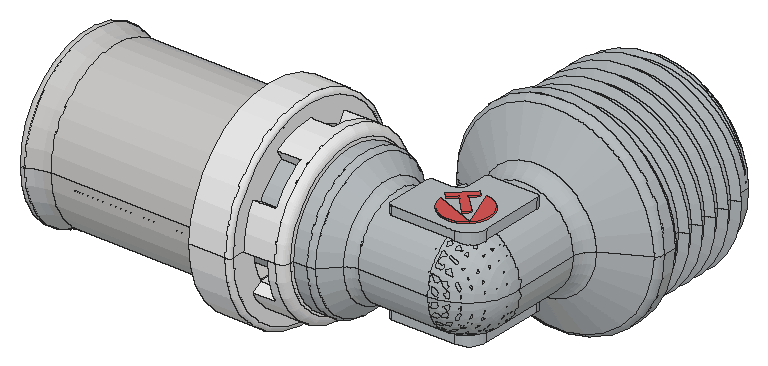
Revit family "VTm_253_УгольникПресс_ПереходНаружРезьба1", category Соединительные детали трубопроводов, Revit 2017
Family settings
  Размер круглого соединителя = Использовать диаметр
  Тип детали = Отвод
  На основе рабочей плоскости = Нет
  Всегда вертикально = Да
  При загрузке вырезать с полостями = Нет
  Общий = Нет
Parameters (values of type "16 х 1/2"")
  Тело = VTm_253_ТелоУголка_16_на_ПрлДюйма : VTm_253_ТелоУголка_16_на_ПрлДюйма
  Стоимость = 0
  Резьба = VTm_253_РезьбаCоCбегами_Наруж : 1/2" х 5
  РадНарПодРезьбу = 9.05 mm
  РадВнПодРезьбу = 7.40 mm
  РадБазы2 = DN2 / 4  # 3.75 mm
  РадБазы1 = DN1 / 4  # 4.00 mm
  ПодРезьбу = 12.995 mm
  Описание = "Служит для соединения резьбовых фитингов с системами металлополимерных, PEX и PE труб на пресс с поворотом на 90°"  # constant formula
  Комментарии к типоразмеру = "Модель разработана по заказу ВЕСТА Регионы, автор Михаил Кузьмин НПО Инкомис, правообладатель ВЕСТА Регионы"  # constant formula
  Изготовитель = "VALTEC"  # constant formula
  Ду2 х 07 = DN2 * 0.7  # 10.50 mm
  ДлинаБазы2 = 14.50 mm
  ДлинаБазы1 = 14.80 mm
  Гильза = VTm_253_Гильза_от_16_до_32 : 16
  Видеть резьбу [instance] = yes
  VT_Цена базовая = 138
  VT_sleeve = Нержавеющая сталь
  VT_ring = Пластмасса, непрозрачная, белая
  VT_logo [instance] = Алюминий, анодированный красный
  VT_body = Цинк
  URL = "http://valtec.ru/catalog/sistemy_metallopolimernyh_i_polimernyh_truboprovodov/press_fitingi/press_fiting_ugolnik_s_perehodom_na_narujnuyu_rezbu_vtm253n.html"
  DN2 = 15.00 mm
  DN1 = 16.00 mm
  ADSK_Примечание = ""
  ADSK_Позиция = "253.1604"
  ADSK_Обозначение = "VTm.253.N.001604"
  ADSK_Наименование = "Угольник пресс с переходом на наружную резьбу 16х1/2\" 90° VTm.253"
  ADSK_Масса_Текст = "0.062"
  ADSK_Масса = 0.062
  ADSK_Завод-изготовитель = "VALTEC"  # constant formula
  ADSK_Единица измерения = "шт"  # constant formula
  ADSK_Версия семейства = "01.01"  # constant formula
  ADSK_Версия Revit = "2017"  # constant formula
Types (8, lengths in mm): name | Тело | Резьба | РадНарПодРезьбу | РадВнПодРезьбу | РадБазы2 | РадБазы1 | ПодРезьбу | Ду2 х 07 | ДлинаБазы2 | ДлинаБазы1 | Гильза | VT_Цена базовая | DN2 | DN1 | ADSK_Позиция | ADSK_Обозначение | ADSK_Наименование | ADSK_Масса_Текст | ADSK_Масса
  (no name) | VTm_253_ТелоУголка_16_на_ПрлДюйма : VTm_253_ТелоУголка_16_на_ПрлДюйма | VTm_253_РезьбаCоCбегами_Наруж : 1/2" х 5 | 9.05 | 7.40 | 3.75 | 4.00 | 12.995 | 10.50 | 14.50 | 14.80 | VTm_253_Гильза_от_16_до_32 : 16 | 138 | 15.00 | 16.00 | "253.1604" | "VTm.253.N.001604" | "Угольник пресс с переходом на наружную резьбу 16х1/2\" 90° VTm.253" | "0.062" | 0.062
  16 х 1/2" | VTm_253_ТелоУголка_16_на_ПрлДюйма : VTm_253_ТелоУголка_16_на_ПрлДюйма | VTm_253_РезьбаCоCбегами_Наруж : 1/2" х 5 | 9.05 | 7.40 | 3.75 | 4.00 | 12.995 | 10.50 | 14.50 | 14.80 | VTm_253_Гильза_от_16_до_32 : 16 | 138 | 15.00 | 16.00 | "253.1604" | "VTm.253.N.001604" | "Угольник пресс с переходом на наружную резьбу 16х1/2\" 90° VTm.253" | "0.062" | 0.062
  16 х 3/4" | VTm_253_ТелоУголка_16_на_ТриЧетверти : VTm_253_ТелоУголка_16_на_ТриЧетверти | VTm_253_РезьбаCоCбегами_Наруж : 3/4" | 11.85 | 9.64 | 5.00 | 4.00 | 14.00 | 14.00 | 16.00 | 16.30 | VTm_253_Гильза_от_16_до_32 : 16 | 194 | 20.00 | 16.00 | "253.1605" | "VTm.253.N.001605" | "Угольник пресс с переходом на наружную резьбу 16х3/4\" 90° VTm.253" | "0.101" | 0.101
  20 х 3/4" | VTm_253_ТелоУголка_20_на_ТриЧетверти : VTm_253_ТелоУголка_20_на_ТриЧетверти | VTm_253_РезьбаCоCбегами_Наруж : 3/4" | 11.85 | 9.64 | 5.00 | 5.00 | 14.00 | 14.00 | 17.56 | 17.30 | VTm_253_Гильза_от_16_до_32 : 20 | 228 | 20.00 | 20.00 | "253.2005" | "VTm.253.N.002005" | "Угольник пресс с переходом на наружную резьбу 20х3/4\" 90° VTm.253" | "0.117" | 0.101
  20 х 1/2" | VTm_253_ТелоУголка_20_на_ПолДюйма : VTm_253_ТелоУголка_20_на_ПолДюйма | VTm_253_РезьбаCоCбегами_Наруж : 1/2" х 5 | 9.05 | 7.40 | 3.75 | 5.00 | 12.995 | 10.50 | 16.00 | 17.30 | VTm_253_Гильза_от_16_до_32 : 20 | 212 | 15.00 | 20.00 | "253.2004" | "VTm.253.N.002004" | "Угольник пресс с переходом на наружную резьбу 20х1/2\" 90° VTm.253" | "0.081" | 0.081
  26 х 3/4" | VTm_253_ТелоУголка_26_на_ТриЧетверти : VTm_253_ТелоУголка_26_на_ТриЧетверти | VTm_253_РезьбаCоCбегами_Наруж : 3/4" | 11.85 | 9.64 | 5.00 | 6.50 | 14.00 | 14.00 | 20.00 | 21.30 | VTm_253_Гильза_от_16_до_32 : 26 | 299 | 20.00 | 26.00 | "253.2605" | "VTm.253.N.002605" | "Угольник пресс с переходом на наружную резьбу 26х3/4\" 90° VTm.253" | "0.142" | 0.142
  26 х 1" | VTm_253_ТелоУголка_26_на_Дюйм : VTm_253_ТелоУголка_26_на_Дюйм | VTm_253_РезьбаCоCбегами_Наруж : 1" | 14.70 | 12.38 | 6.25 | 6.50 | 15.00 | 17.50 | 21.69 | 21.30 | VTm_253_Гильза_от_16_до_32 : 26 | 369 | 25.00 | 26.00 | "253.2606" | "VTm.253.N.002606" | "Угольник пресс с переходом на наружную резьбу 26х1\" 90° VTm.253" | "0.178" | 0.178
  32 х 1" | VTm_253_ТелоУголка_32_на_Дюйм : VTm_253_ТелоУголка_32_на_Дюйм | VTm_253_РезьбаCоCбегами_Наруж : 1" | 14.70 | 12.38 | 6.25 | 8.00 | 15.00 | 17.50 | 23.50 | 24.30 | VTm_253_Гильза_от_16_до_32 : 32 | 639 | 25.00 | 32.00 | "253.3206" | "VTm.253.N.003206" | "Угольник пресс с переходом на наружную резьбу 32х1\" 90° VTm.253" | "0.274" | 0.274
Reference planes
  plane 1 "По центру (Вперед/Назад)": y = 0
  plane 2: z = 0
  plane 3 "По центру (Влево/Вправо)": x = 0
  plane 4: x = -14.8
  plane 5: y = 14.5
  plane 6: x = -30.8
  plane 7: x = -46.8
  plane 8: y = 16
  plane 9: y = -16
  plane 10: y = 27.495
  plane 11: x = 10.5
  plane 12: x = -10.5
Forms (mm)
  Extrusion 1, solid, not visible
    sketch origin (0, 0, 0) x (0, 1, 0) y (0, 0, 1)
      loop
        circle (0, 0) r 4
    from 0 to -14.8
  Extrusion 2, solid, not visible
    sketch origin (0, 0, 0) x (1, 0, 0) y (0, 0, 1)
      loop
        circle (0, 0) r 3.75
    from 0 to -14.5
  Extrusion 3, solid, material "Цинк" <- "VT_body", not visible
    sketch origin (0, 0, 0) x (1, 0, 0) y (0, 0, 1)
      loop
        circle (0, 0) r 7.4
      loop
        circle (0, 0) r 9.05
    from -27.495 to -14.5
Lines and regions (mm)
  model lines, style "VT_symbol", detail levels medium
    curve 1: line (-46.8, 16, 0) -> (-14.8, -16, 0)
    curve 2: line (-46.8, -16, 0) -> (-14.8, 16, 0)
    curve 5: line (-10.5, 14.5, 0) -> (10.5, 14.5, 0)
  model lines, style "VT_symbol", detail levels coarse+medium
    curve 3: line (-14.8, 0, 0) -> (0, 0, 0)
    curve 4: line (0, 0, 0) -> (0, 14.5, 0)
    curve 6: line (0, 14.5, 0) -> (0, 27.495, 0)
Dimensions and locks
  "ДлинаБазы1": plane 4 to plane 3 "По центру (Влево/Вправо)"
  "ДлинаБазы2": plane 5 to plane 1 "По центру (Вперед/Назад)"
  equal spacing: plane 8, plane 1 "По центру (Вперед/Назад)", plane 9
  equal spacing: plane 7, plane 6, plane 4
  "DN1": plane 6 to plane 4
  "DN1": plane 1 "По центру (Вперед/Назад)" to plane 9
  "ПодРезьбу": plane 10 to plane 5
  equal spacing: plane 12, plane 3 "По центру (Влево/Вправо)", plane 11
  "Ду2 х 07": plane 3 "По центру (Влево/Вправо)" to plane 11
  "РадБазы1": radius of Extrusion 1 sketch curve
  "РадБазы2": radius of Extrusion 2 sketch curve
  "РадВнПодРезьбу": radius of Extrusion 3 sketch curve
  "РадНарПодРезьбу": radius of Extrusion 3 sketch curve
  aligned and locked: level to plane 2
  aligned and locked: plane 1 "По центру (Вперед/Назад)" to Extrusion 1 sketch curve
  aligned and locked: plane 2 to Extrusion 1 sketch curve
  aligned and locked: plane 3 "По центру (Влево/Вправо)" to Extrusion 2 sketch curve
  aligned and locked: plane 2 to Extrusion 2 sketch curve
  aligned and locked: Extrusion 1 to plane 3 "По центру (Влево/Вправо)"
  aligned and locked: plane 1 "По центру (Вперед/Назад)" to Extrusion 2
  aligned and locked: plane 5 to Extrusion 2
  aligned and locked: Extrusion 1 to plane 4
  aligned and locked: nested 1 to plane 1 "По центру (Вперед/Назад)"
  aligned and locked: plane 2 to nested 1
  aligned and locked: plane 1 "По центру (Вперед/Назад)" to nested 2
  aligned and locked: plane 3 "По центру (Влево/Вправо)" to nested 2
  aligned and locked: plane 2 to nested 2
  aligned and locked: nested 4 to plane 1 "По центру (Вперед/Назад)"
  aligned and locked: nested 4 to plane 2
  aligned and locked: plane 3 "По центру (Влево/Вправо)" to nested 3
  aligned and locked: nested 3 to plane 2
  aligned and locked: curve 2 to plane 8
  aligned and locked: plane 4 to curve 2
  aligned and locked: plane 8 to curve 1
  aligned and locked: plane 7 to curve 1
  aligned and locked: plane 9 to curve 2
  aligned and locked: plane 7 to curve 2
  aligned and locked: plane 9 to curve 1
  aligned and locked: plane 4 to curve 1
  aligned and locked: plane 1 "По центру (Вперед/Назад)" to curve 3
  aligned and locked: plane 4 to curve 3
  aligned and locked: plane 3 "По центру (Влево/Вправо)" to curve 3
  aligned and locked: plane 1 "По центру (Вперед/Назад)" to curve 4
  aligned and locked: plane 5 to curve 4
  aligned and locked: plane 3 "По центру (Влево/Вправо)" to Extrusion 3 sketch curve  (x2)
  aligned and locked: plane 2 to Extrusion 3 sketch curve  (x2)
  aligned and locked: Extrusion 3 to plane 5
  aligned and locked: plane 10 to Extrusion 3
  aligned and locked: plane 3 "По центру (Влево/Вправо)" to nested 5
  aligned and locked: nested 5 to plane 2
  aligned and locked: plane 3 "По центру (Влево/Вправо)" to curve 6
  aligned and locked: plane 11 to curve 5
  aligned and locked: plane 12 to curve 5
  aligned and locked: curve 5 to plane 5
  aligned and locked: plane 10 to curve 6
Nested families
  nested 1: "VTm_253_Гильза_от_16_до_32" at (-14.8, 0, 0) x (0, 1, 0) z (-1, 0, 0), type <- "Гильза", type "16", detail levels fine
  nested 2: "VTm_253_ТелоУголка_16_на_ПрлДюйма" at (0, 0, 0), type <- "Тело", type "VTm_253_ТелоУголка_16_на_ПрлДюйма", detail levels fine
  nested 3: "MarkR" at (0, 14.5, 0) x (1, 0, 0) z (0, -1, 0), type "MarkR", not visible
  nested 4: "MarkR" at (-14.8, 0, 0) x (0, 1, 0) z (1, 0, 0), type "MarkR", not visible
  nested 5: "VTm_253_РезьбаCоCбегами_Наруж" at (0, 27.495, 0) x (1, 0, 0) z (0, 1, 0), type <- "Резьба", visible <- "Видеть резьбу", type "1/2" х 5", detail levels fine
Connectors
  piping at (-14.8, 0, 0), diameter 16, driven by "DN1"
    settings: on Extrusion 1, index 1, connector inside diameter 609.6 mm, connector length 0.00 mm, flow factor 0, pipe flow 0.0 L/s, pressure drop 0.0 Pa, fitting loss kfactor 0, connector angle 90.00°, fixture units 0, engagement length 0.00 mm, angle of deflection 0.00°, flow configuration 0, flow direction 0, fitting loss method 0, system type 28, joint type 0, gender type 0, connector reference index 2, connector utility 0, adjustable connector no, is connector primary yes, connector description ""
  piping at (0, 27.495, 0), diameter 15, driven by "DN2"
    settings: on Extrusion 3, index 2, connector inside diameter 609.6 mm, connector length 0.00 mm, flow factor 0, pipe flow 0.0 L/s, pressure drop 0.0 Pa, fitting loss kfactor 0, connector angle 90.00°, fixture units 0, engagement length 0.00 mm, angle of deflection 0.00°, flow configuration 0, flow direction 0, fitting loss method 0, system type 28, joint type 0, gender type 0, connector reference index 1, connector utility 0, adjustable connector no, is connector primary no, connector description ""
Definition of nested family "VTm_253_Гильза_от_16_до_32"
  Parameters (values of type "16")
    ТолщСтенкТруб = 2.10 mm
    РегулировкаВысотГильз = 17.30 mm
    РадПерфНаруж = 9.30 mm
    РадПерфВнутр = РадПерфНаруж - 1.30 mm  # 8.00 mm
    РадГабаритКольца = 11.20 mm
    Default Elevation = 0.00 mm
    НарРадТруб = НарДиамТруб / 2  # 8.00 mm
    НарДиамТруб = 16.00 mm
    ВысотаОкон = 2.697 mm
    VT_body = none
    VT_ring = none
    VT_sleeve = none
  Types (4, lengths in mm): name | ТолщСтенкТруб | РегулировкаВысотГильз | РадПерфНаруж | РадПерфВнутр | РадГабаритКольца | НарРадТруб | НарДиамТруб
    16 | 2.10 | 17.30 | 9.30 | 8.00 | 11.20 | 8.00 | 16.00
    20 | 2.10 | 17.35 | 11.45 | 10.15 | 13.20 | 10.05 | 20.10
    26 | 3.05 | 17.20 | 14.35 | 13.05 | 16.25 | 13.075 | 26.15
    32 | 3.10 | 16.80 | 17.30 | 16.00 | 19.40 | 16.175 | 32.35
  Reference planes
    plane 1 "По центру (Вперед/Назад)": y = 0
    plane 2: z = 0
    plane 3 "По центру (Влево/Вправо)": x = 0
    plane 4: z = -1.8
    plane 5: z = 2.697
    plane 6: z = 7.197
    plane 7: x = -11.2
    plane 8: x = -9.3
    plane 9 "РадПерфВнутр": x = -8
    plane 10: through (0, 0, 1219.2) normal (-0.5, -0.866, 0)
    plane 11: through (0, 0, 1219.2) normal (-0.866, -0.5, 0)
    plane 12: through (0, 0, 1219.2) normal (-0.866, 0.5, 0)
    plane 13: through (0, 0, 1219.2) normal (-0.5, 0.866, 0)
    plane 14: x = -8.9
    plane 15: z = 24.497
    plane 16: z = 27.313
    plane 17: x = -5.9
    plane 18: x = -3.5
    plane 19 "РадНарТруб": x = -8
    plane 20: x = -13.75
  Forms (mm)
    Extrusion 1, solid, not visible
      sketch origin (0, 0, 0) x (1, 0, 0) y (0, 1, 0)
        loop
          line (-1219.2, 1219.2) -> (-1219.2, -1219.2) -> (1219.2, -1219.2) -> (1219.2, 1219.2) -> (-1219.2, 1219.2)
      from 0 to -304.8
    Revolve 2, solid, material <- "VT_ring"
      sketch origin (0, 0, 0) x (1, 0, 0) y (0, 0, 1)
        loop
          line (-8, 0) -> (-8, 2.697) -> (-9.3, 2.697) -> (-9.3, -0.817)
          arc (-9.3, -0.817) -> (-9.012, -1.512) -> (-8.317, -1.8) r 0.983
          line (-8.317, -1.8) -> (0, -1.8) -> (0, 0) -> (-8, 0)
        axis (0, 2.697) -> (0, -1.8)
      angle from 0 to 360
    Extrusion 3, void
      sketch origin (0, 0, 0) x (1, 0, 0) y (0, 1, 0)
        loop
          line (-9.3, 0) -> (-8, 0)
          arc (-8, 0) -> (-7.727, 2.071) -> (-6.928, 4) r 8
          line (-6.928, 4) -> (-8.054, 4.65)
          arc (-8.054, 4.65) -> (-8.983, 2.407) -> (-9.3, 0) r 9.3
        loop
          arc (-4, 6.928) -> (-2.071, 7.727) -> (0, 8) r 8
          line (0, 8) -> (0, 9.3)
          arc (0, 9.3) -> (-2.407, 8.983) -> (-4.65, 8.054) r 9.3
          line (-4.65, 8.054) -> (-4, 6.928)
        loop
          arc (4, 6.928) -> (5.657, 5.657) -> (6.928, 4) r 8
          line (6.928, 4) -> (8.054, 4.65)
          arc (8.054, 4.65) -> (6.576, 6.576) -> (4.65, 8.054) r 9.3
          line (4.65, 8.054) -> (4, 6.928)
        loop
          arc (8, 0) -> (7.727, -2.071) -> (6.928, -4) r 8
          line (6.928, -4) -> (8.054, -4.65)
          arc (8.054, -4.65) -> (8.983, -2.407) -> (9.3, 0) r 9.3
          line (9.3, 0) -> (8, 0)
        loop
          arc (4, -6.928) -> (2.071, -7.727) -> (0, -8) r 8
          line (0, -8) -> (0, -9.3)
          arc (0, -9.3) -> (2.407, -8.983) -> (4.65, -8.054) r 9.3
          line (4.65, -8.054) -> (4, -6.928)
        loop
          arc (-8.054, -4.65) -> (-6.576, -6.576) -> (-4.65, -8.054) r 9.3
          line (-4.65, -8.054) -> (-4, -6.928)
          arc (-4, -6.928) -> (-5.657, -5.657) -> (-6.928, -4) r 8
          line (-6.928, -4) -> (-8.054, -4.65)
      from 0 to 2.697
    Revolve 4, solid, material <- "VT_ring"
      sketch origin (0, 0, 0) x (1, 0, 0) y (0, 0, 1)
        loop
          line (-11.2, 7.197) -> (-11.2, 3.224)
          arc (-11.2, 3.224) -> (-11.046, 2.851) -> (-10.674, 2.697) r 0.526
          line (-10.674, 2.697) -> (-8, 2.697) -> (-8, 7.197) -> (-11.2, 7.197)
        axis (0, 2.697) -> (0, 7.197)
      angle from 0 to 360
    Revolve 5, solid, material <- "VT_sleeve"
      sketch origin (0, 0, 0) x (1, 0, 0) y (0, 0, 1)
        loop
          line (-8.9, 7.197) -> (-8, 7.197) -> (-8, 24.497)
          arc (-8, 24.497) -> (-8.187, 25.953) -> (-8.737, 27.313) r 5.75
          arc (-8.737, 27.313) -> (-9.35, 27.485) -> (-9.522, 26.873) r 0.45
          arc (-9.522, 26.873) -> (-9.058, 25.725) -> (-8.9, 24.497) r 4.85
          line (-8.9, 24.497) -> (-8.9, 7.197)
        axis (0, 27.313) -> (0, 7.197)
      angle from 0 to 360
    Revolve 6, solid, material <- "VT_body"
      sketch origin (0, 0, 0) x (1, 0, 0) y (0, 0, 1)
        loop
          line (-3.764, 24.955) -> (-4.576, 26.366)
          arc (-4.576, 26.366) -> (-4.898, 26.631) -> (-5.315, 26.617) r 0.591
          arc (-5.315, 26.617) -> (-5.74, 26.267) -> (-5.9, 25.739) r 0.951
          line (-5.9, 25.739) -> (-5.9, 0) -> (-3.5, 0) -> (-3.5, 23.969)
          arc (-3.5, 23.969) -> (-3.567, 24.479) -> (-3.764, 24.955) r 1.977
        axis (0, 26.617) -> (0, 0)
      angle from 0 to 360
  Cuts and joins
    Extrusion 3 cuts Revolve 2
  Dimensions and locks
    "РадГабаритКольца": plane 7 to plane 3 "По центру (Влево/Вправо)"
    "РадПерфНаруж": plane 8 to plane 3 "По центру (Влево/Вправо)"
    "РадПерфВнутр": plane 9 "РадПерфВнутр" to plane 3 "По центру (Влево/Вправо)"
    locked: plane 17 to plane 18 at 2.4
    "ТолщСтенкТруб": plane 19 "РадНарТруб" to plane 17
    "НарРадТруб": plane 19 "РадНарТруб" to plane 3 "По центру (Влево/Вправо)"
    locked: plane 14 to plane 19 "РадНарТруб" at 0.9
    "РегулировкаВысотГильз": plane 15 to plane 6
    locked: plane 16 to plane 15 at 2.816
    plane 16 to plane 4 = 29.113 mm
    locked: plane 19 "РадНарТруб" to plane 20 at 5.75
    locked: plane 6 to plane 5 at 4.5
    locked: plane 2 to plane 4 at 1.8
    "ВысотаОкон": plane 5 to plane 2
    "РадПерфВнутр": radius of Extrusion 3 sketch curve  (x6)
    "РадПерфНаруж": radius of Extrusion 3 sketch curve  (x6)
    aligned and locked: plane 2 to Extrusion 1
    aligned and locked: level to Extrusion 1
    aligned and locked: Revolve 2 sketch curve to plane 8
    aligned and locked: Revolve 2 sketch curve to plane 3 "По центру (Влево/Вправо)"
    aligned and locked: plane 2 to Revolve 2 sketch curve
    aligned and locked: plane 4 to Revolve 2 sketch curve  (x2)
    aligned and locked: Revolve 2 sketch curve to plane 2
    aligned and locked: Extrusion 3 sketch curve to plane 1 "По центру (Вперед/Назад)"
    aligned and locked: plane 10 to Extrusion 3 sketch curve
    aligned and locked: plane 3 "По центру (Влево/Вправо)" to Extrusion 3 sketch curve  (x13)
    aligned and locked: plane 1 "По центру (Вперед/Назад)" to Extrusion 3 sketch curve  (x13)
    aligned and locked: Extrusion 3 to plane 2
    aligned and locked: plane 5 to Extrusion 3
    aligned and locked: Revolve 2 sketch curve to plane 9 "РадПерфВнутр"
    aligned and locked: Revolve 2 sketch curve to plane 5
    aligned and locked: Extrusion 3 sketch curve to plane 11
    aligned and locked: Extrusion 3 sketch curve to plane 3 "По центру (Влево/Вправо)"
    aligned and locked: Extrusion 3 sketch curve to plane 12
    aligned and locked: plane 13 to Extrusion 3 sketch curve
    aligned and locked: Extrusion 3 sketch curve to plane 10
    aligned and locked: plane 11 to Extrusion 3 sketch curve
    aligned and locked: Extrusion 3 sketch curve to plane 13
    aligned and locked: plane 12 to Extrusion 3 sketch curve
    aligned and locked: plane 9 "РадПерфВнутр" to Revolve 4 sketch curve
    aligned and locked: plane 7 to Revolve 4 sketch curve
    aligned and locked: plane 6 to Revolve 4 sketch curve
    aligned and locked: Revolve 4 sketch curve to plane 5
    aligned and locked: plane 3 "По центру (Влево/Вправо)" to Revolve 4 sketch curve
    aligned and locked: plane 4 to Revolve 4 sketch curve
    aligned and locked: plane 2 to Revolve 4 sketch curve
    aligned and locked: Revolve 5 sketch curve to plane 3 "По центру (Влево/Вправо)"
    aligned and locked: plane 4 to Revolve 5 sketch curve
    aligned and locked: plane 2 to Revolve 5 sketch curve
    aligned and locked: Revolve 5 sketch curve to plane 14
    aligned and locked: Revolve 5 sketch curve to plane 6
    aligned and locked: Revolve 6 sketch curve to plane 2
    aligned and locked: plane 17 to Revolve 6 sketch curve
    aligned and locked: Revolve 6 sketch curve to plane 3 "По центру (Влево/Вправо)"
    aligned and locked: plane 4 to Revolve 6 sketch curve
    aligned and locked: plane 2 to Revolve 6 sketch curve
    aligned and locked: Revolve 6 sketch curve to plane 18
    aligned and locked: Revolve 5 sketch curve to plane 19 "РадНарТруб"
    aligned and locked: plane 20 to Revolve 5 sketch curve  (x2)
    aligned and locked: plane 15 to Revolve 5 sketch curve  (x2)
  Automatic sketch dimensions
    Extrusion 1 sketch curve to Extrusion 1 sketch curve = 2438.40 mm  (x2)
    Revolve 2 sketch curve to plane 3 "По центру (Влево/Вправо)" = 0.00 mm
    Revolve 2 sketch curve to plane 9 "РадПерфВнутр" = 0.317 mm
    Revolve 4 sketch curve to Revolve 4 sketch curve = 0.526 mm
    Revolve 5 sketch curve to plane 16 = 0.00 mm
    Revolve 5 sketch curve to Revolve 5 sketch curve = 0.00 mm  (x2)
    Revolve 6 sketch curve to plane 17 = 0.423 mm
    Revolve 6 sketch curve to plane 17 = 0.812 mm
    Revolve 6 sketch curve to Revolve 6 sketch curve = 0.139 mm
    Revolve 6 sketch curve to Revolve 6 sketch curve = 0.512 mm
    plane 18 to Revolve 6 sketch curve = 0.264 mm
    plane 15 to Revolve 6 sketch curve = 0.528 mm
    Revolve 6 sketch curve to Revolve 6 sketch curve = 0.332 mm
Definition of nested family "VTm_253_ТелоУголка_16_на_ПрлДюйма"
  Parameters (values of type "VTm_253_ТелоУголка_16_на_ПрлДюйма")
    Description = ""
    Type Comments = ""
    VT_body = none
    VT_logo = none
  Reference planes
    plane 1 "По центру (Вперед/Назад)": y = 0
    plane 2: z = 0
    plane 3 "По центру (Влево/Вправо)": x = 0
    plane 4: z = -5.658
    plane 5: z = 5.658
    plane 6: z = -0.6
    plane 7: z = 0.6
  Forms (mm)
    Revolve 1, solid, material <- "VT_body"
      sketch origin (0, 0, 0) x (1, 0, 0) y (0, 1, 0)
        loop
          line (-13, 0) -> (-13, -8) -> (-11.424, -8)
          arc (-11.424, -8) -> (-11.032, -7.922) -> (-10.7, -7.7) r 1.025
          line (-10.7, -7.7) -> (-9.03, -6.03)
          arc (-9.03, -6.03) -> (-8.443, -5.638) -> (-7.75, -5.5) r 1.811
          line (-7.75, -5.5) -> (0, -5.5)
          arc (0, -5.5) -> (3.889, -3.889) -> (5.5, 0) r 5.5
          line (5.5, 0) -> (-13, 0)
        axis (-13, 0) -> (5.5, 0)
      angle from 0 to 360
    Revolve 2, solid, material <- "VT_body"
      sketch origin (0, 0.125, 0) x (0, -1, 0) y (-1, 0, 0)
        loop
          line (-14.375, 0) -> (-14.375, -7.4) -> (-27.375, -7.4) -> (-27.375, -9.175) -> (-26.65, -9.9) -> (-14.375, -9.9) -> (-14.375, -11.493) -> (-13.091, -11.493)
          arc (-13.091, -11.493) -> (-12.586, -11.358) -> (-12.217, -10.988) r 1.01
          line (-12.217, -10.988) -> (-9.654, -6.549)
          arc (-9.654, -6.549) -> (-8.866, -5.762) -> (-7.791, -5.474) r 2.15
          line (-7.791, -5.474) -> (0.125, -5.474)
          arc (0.125, -5.474) -> (3.995, -3.87) -> (5.599, 0) r 5.474
          line (5.599, 0) -> (-14.375, 0)
        axis (-27.375, 0) -> (5.599, 0)
      angle from 0 to 360
    Extrusion 3, solid, material <- "VT_body"
      sketch origin (0, 0, 0) x (1, 0, 0) y (0, 1, 0)
        loop
          line (-6.679, 2.717) -> (-6.679, -2.259)
          arc (-6.679, -2.259) -> (-6.533, -2.612) -> (-6.181, -2.758) r 0.499
          line (-6.181, -2.758) -> (0.804, -2.758)
          arc (0.804, -2.758) -> (2.23, -2.167) -> (2.821, -0.741) r 2.017
          line (2.821, -0.741) -> (2.821, 6.24)
          arc (2.821, 6.24) -> (2.674, 6.595) -> (2.318, 6.742) r 0.502
          line (2.318, 6.742) -> (-2.671, 6.742)
          arc (-2.671, 6.742) -> (-3.03, 6.593) -> (-3.179, 6.234) r 0.508
          line (-3.179, 6.234) -> (-3.179, 4.244)
          arc (-3.179, 4.244) -> (-3.473, 3.536) -> (-4.181, 3.242) r 1.002
          line (-4.181, 3.242) -> (-6.154, 3.242)
          arc (-6.154, 3.242) -> (-6.526, 3.089) -> (-6.679, 2.717) r 0.525
      from -5.658 to 5.658
    Extrusion 4, solid, material <- "VT_body"
      sketch origin (0, 0, 0) x (1, 0, 0) y (0, 1, 0)
        loop
          line (-10.707, 7.707) -> (-9, 6)
          arc (-9, 6) -> (-8.446, 5.63) -> (-7.794, 5.5) r 1.705
          line (-7.794, 5.5) -> (-5.5, 5.5) -> (-5.5, 7.993)
          arc (-5.5, 7.993) -> (-5.774, 9.016) -> (-6.524, 9.766) r 2.048
          line (-6.524, 9.766) -> (-9.288, 11.362) -> (-10.707, 7.707)
      from -0.6 to 0.6
  Dimensions and locks
    equal spacing: plane 5, plane 2, plane 4, locked at 5.658 each
    equal spacing: plane 7, plane 2, plane 6, locked at 0.6 each
    Extrusion 3 to nested 1 to Extrusion 3 = 4.465 mm locked, 3.60 mm locked
    equal spacing: Extrusion 3, nested 1, Extrusion 3, locked at 6.51 each
    equal spacing: Extrusion 3, nested 2, Extrusion 3, locked at 6.51 each
    Extrusion 3 to nested 2 to Extrusion 3 = 4.438 mm locked, 3.626 mm locked
    locked: Extrusion 4 to plane 3 "По центру (Влево/Вправо)" at 5.5
    locked: plane 1 "По центру (Вперед/Назад)" to Extrusion 4 at 5.5
    Extrusion 3 to Extrusion 3 to plane 3 "По центру (Влево/Вправо)" to Extrusion 3 = 3.50 mm locked, 3.179 mm locked, 2.821 mm locked
    Extrusion 3 to Extrusion 3 to plane 1 "По центру (Вперед/Назад)" to Extrusion 3 = 3.50 mm locked, 3.242 mm locked, 2.758 mm locked
    locked: Revolve 1 to plane 3 "По центру (Влево/Вправо)" at 13
    locked: Revolve 2 to plane 1 "По центру (Вперед/Назад)" at 14.5
    locked: Revolve 2 to plane 1 "По центру (Вперед/Назад)" at 27.5
    locked: Revolve 2 to plane 1 "По центру (Вперед/Назад)" at 26.775
    plane 3 "По центру (Влево/Вправо)" to Revolve 2 sketch curve = 9.90 mm
    Revolve 2 sketch curve to Revolve 2 sketch curve = 2.50 mm
    radius of Revolve 2 sketch curve = 5.474 mm
    aligned and locked: level to plane 2
    aligned and locked: plane 3 "По центру (Влево/Вправо)" to Revolve 1 sketch curve
    aligned and locked: plane 1 "По центру (Вперед/Назад)" to Revolve 1 sketch curve  (x2)
    aligned and locked: Revolve 1 sketch curve to plane 2
    aligned and locked: Revolve 1 sketch curve to Revolve 1 sketch curve
    aligned and locked: Revolve 2 sketch curve to Revolve 2 sketch curve  (x2)
    aligned and locked: Revolve 2 sketch curve to plane 3 "По центру (Влево/Вправо)"
    aligned and locked: Revolve 2 sketch curve to plane 2
    aligned and locked: plane 1 "По центру (Вперед/Назад)" to Revolve 2 sketch curve
    aligned and locked: plane 3 "По центру (Влево/Вправо)" to Revolve 2 sketch curve
    aligned and locked: Extrusion 3 to plane 4
    aligned and locked: Extrusion 3 to plane 5
    aligned and locked: Extrusion 4 to plane 6
    aligned and locked: plane 7 to Extrusion 4
  Automatic sketch dimensions
    Revolve 1 sketch curve to Revolve 1 sketch curve = 7.75 mm
    Revolve 1 sketch curve to Revolve 1 sketch curve = 1.28 mm
    Revolve 1 sketch curve to Revolve 1 sketch curve = 1.67 mm
    Revolve 1 sketch curve to Revolve 1 sketch curve = 0.725 mm
    Revolve 1 sketch curve to Revolve 1 sketch curve = 1.576 mm
    Revolve 1 sketch curve to Revolve 1 sketch curve = 5.50 mm
    Revolve 1 sketch curve to Revolve 1 sketch curve = 0.53 mm
    Revolve 1 sketch curve to Revolve 1 sketch curve = 18.672 mm
    Revolve 1 sketch curve to Revolve 1 sketch curve = 11.50 mm
    plane 1 "По центру (Вперед/Назад)" to Revolve 2 sketch curve = 0.00 mm
    Revolve 2 sketch curve to Revolve 2 sketch curve = 7.916 mm
    Revolve 2 sketch curve to plane 1 "По центру (Вперед/Назад)" = 5.474 mm
    Revolve 2 sketch curve to Revolve 2 sketch curve = 17.297 mm
    Revolve 2 sketch curve to Revolve 2 sketch curve = 11.401 mm
    Extrusion 3 sketch curve to plane 3 "По центру (Влево/Вправо)" = 6.679 mm
    Extrusion 3 sketch curve to Extrusion 3 sketch curve = 0.499 mm
    Extrusion 3 sketch curve to Extrusion 3 sketch curve = 0.525 mm
    Extrusion 3 sketch curve to Extrusion 3 sketch curve = 1.973 mm
    Extrusion 3 sketch curve to Extrusion 3 sketch curve = 1.002 mm
    Extrusion 3 sketch curve to Extrusion 3 sketch curve = 0.508 mm
    plane 3 "По центру (Влево/Вправо)" to Extrusion 3 sketch curve = 0.804 mm
    plane 3 "По центру (Влево/Вправо)" to Extrusion 3 sketch curve = 2.318 mm
    plane 1 "По центру (Вперед/Назад)" to Extrusion 3 sketch curve = 0.741 mm
    Extrusion 3 sketch curve to Extrusion 3 sketch curve = 2.017 mm
    Extrusion 3 sketch curve to plane 1 "По центру (Вперед/Назад)" = 2.717 mm
    Extrusion 3 sketch curve to Extrusion 3 sketch curve = 1.99 mm
    Extrusion 4 sketch curve to plane 3 "По центру (Влево/Вправо)" = 10.707 mm
    Extrusion 4 sketch curve to Extrusion 4 sketch curve = 1.419 mm
    Extrusion 4 sketch curve to Extrusion 4 sketch curve = 1.708 mm
    Extrusion 4 sketch curve to Extrusion 4 sketch curve = 1.206 mm
    Extrusion 4 sketch curve to Extrusion 4 sketch curve = 0.246 mm
    Extrusion 4 sketch curve to Extrusion 4 sketch curve = 1.024 mm
    Extrusion 4 sketch curve to Extrusion 4 sketch curve = 2.294 mm
    Extrusion 4 sketch curve to plane 1 "По центру (Вперед/Назад)" = 5.50 mm
    Extrusion 4 sketch curve to Extrusion 4 sketch curve = 0.50 mm
    Extrusion 4 sketch curve to Extrusion 4 sketch curve = 0.787 mm
  Nested families
    nested 1: "VTm_253_Logo_5_5mm" at (-0.928, 0.99, 5.658) x (0.7071, 0.7071, 0) z (0, 0, 1), type "VTm_253_Logo_5_5mm"
    nested 2: "VTm_253_Logo_5_5mm" at (-0.909, 0.971, -5.658) x (-0.7071, -0.7071, 0) z (0, 0, -1), type "VTm_253_Logo_5_5mm"
  Definition of nested family "VTm_253_Logo_5_5mm"
    Parameters (values of type "VTm_253_Logo_5_5mm")
      Default Elevation = 0.00 mm
      Description = ""
      Type Comments = ""
      VT_logo = none
    Reference planes
      plane 1 "По центру (Вперед/Назад)": y = 0
      plane 2: z = 0
      plane 3 "По центру (Влево/Вправо)": x = 0
      plane 4: z = -0.8
      plane 5: z = 0.1
    Forms (mm)
      Extrusion 1, solid, not visible
        sketch origin (0, 0, 0) x (1, 0, 0) y (0, 1, 0)
          loop
            line (-1219.2, 1219.2) -> (-1219.2, -1219.2) -> (1219.2, -1219.2) -> (1219.2, 1219.2) -> (-1219.2, 1219.2)
        from 0 to -304.8
      Extrusion 2, solid, material <- "VT_logo"
        sketch origin (0, 0, 0) x (1, 0, 0) y (0, 1, 0)
          loop
            arc (-2.006, 1.803) -> (-2.464, -1.097) -> (-0.002, -2.697) r 2.697
            line (-0.002, -2.697) -> (-2.006, 1.803)
          loop
            line (-0.42, 1.945) -> (-0.42, -0.8) -> (0.42, -0.8) -> (0.42, 1.945) -> (1.5, 1.945) -> (1.5, 2.749) -> (-1.5, 2.749) -> (-1.5, 1.945) -> (-0.42, 1.945)
        from -0.8 to 0.1
      Extrusion 3, solid, material <- "VT_logo"
        sketch origin (0, 0, 0) x (1, 0, 0) y (0, 1, 0)
          loop
            arc (0.002, -2.697) -> (2.464, -1.097) -> (2.006, 1.803) r 2.697
            line (2.006, 1.803) -> (0.002, -2.697)
        from -0.8 to 0.1
    Dimensions and locks
      equal spacing: Extrusion 2 sketch curve, plane 3 "По центру (Влево/Вправо)", Extrusion 2 sketch curve  (x2)
      plane 3 "По центру (Влево/Вправо)" to Extrusion 2 sketch curve = 0.42 mm
      Extrusion 2 sketch curve to plane 3 "По центру (Влево/Вправо)" to Extrusion 2 sketch curve = 1.50 mm, 1.50 mm
      Extrusion 2 sketch curve to Extrusion 2 sketch curve = 0.803 mm  (x2)
      locked: plane 2 to plane 4 at 0.8
      locked: plane 5 to plane 2 at 0.1
      equal spacing: Extrusion 2, plane 3 "По центру (Влево/Вправо)", Extrusion 2, locked at 1.5 each
      equal spacing: Extrusion 2, plane 3 "По центру (Влево/Вправо)", Extrusion 2, locked at 0.42 each
      locked: Extrusion 2 to plane 1 "По центру (Вперед/Назад)" at 2.749
      locked: Extrusion 2 to plane 1 "По центру (Вперед/Назад)" at 0.8
      locked: Extrusion 2 to Extrusion 2 at 0.803
      Extrusion 2 sketch curve to plane 1 "По центру (Вперед/Назад)" = 0.80 mm
      aligned and locked: plane 2 to Extrusion 1
      aligned and locked: level to Extrusion 1
      aligned and locked: plane 5 to Extrusion 2
      aligned and locked: plane 3 "По центру (Влево/Вправо)" to Extrusion 2 sketch curve
      aligned and locked: plane 1 "По центру (Вперед/Назад)" to Extrusion 2 sketch curve
      aligned and locked: plane 3 "По центру (Влево/Вправо)" to Extrusion 3 sketch curve
      aligned and locked: plane 1 "По центру (Вперед/Назад)" to Extrusion 3 sketch curve
      aligned and locked: plane 5 to Extrusion 3
      aligned and locked: Extrusion 2 to plane 4
      aligned and locked: Extrusion 2 to Extrusion 3
    Automatic sketch dimensions
      Extrusion 1 sketch curve to Extrusion 1 sketch curve = 2438.40 mm  (x2)
      Extrusion 2 sketch curve to Extrusion 2 sketch curve = 0.506 mm
      Extrusion 2 sketch curve to plane 3 "По центру (Влево/Вправо)" = 0.002 mm
      Extrusion 2 sketch curve to Extrusion 2 sketch curve = 1.897 mm
      Extrusion 2 sketch curve to Extrusion 2 sketch curve = 0.142 mm
      plane 3 "По центру (Влево/Вправо)" to Extrusion 3 sketch curve = 0.002 mm
      plane 3 "По центру (Влево/Вправо)" to Extrusion 3 sketch curve = 2.006 mm
      plane 1 "По центру (Вперед/Назад)" to Extrusion 3 sketch curve = 2.697 mm
Definition of nested family "VTm_253_РезьбаCоCбегами_Наруж"
  Parameters (values of type "1/2" х 5")
    Погружение = 1.00 mm  # constant formula
    Default Elevation = 0.00 mm
    Z = 5
    VT_body = none
    P = 1.814 mm
    L = Z * P + P * 1.5  # 11.791 mm
    H = P * 0.96049  # 1.742 mm
    D2/2 = D2 / 2  # 9.896 mm
    D2 = 19.793 mm
    1/2P = P / 2  # 0.907 mm
  Types (5, lengths in mm): name | Z | P | L | H | D2/2 | D2 | 1/2P
    1" х 5 | 5 | 2.309 | 15.009 | 2.218 | 15.885 | 31.77 | 1.155
    1_1/4" х 7 | 7 | 2.309 | 19.627 | 2.218 | 20.215 | 40.431 | 1.155
    1" | 4 | 2.309 | 12.70 | 2.218 | 15.885 | 31.77 | 1.155
    3/4" | 5 | 1.814 | 11.791 | 1.742 | 12.64 | 25.279 | 0.907
    1/2" х 5 | 5 | 1.814 | 11.791 | 1.742 | 9.896 | 19.793 | 0.907
  Reference planes
    plane 1 "По центру (Вперед/Назад)": y = 0
    plane 2: z = 0
    plane 3 "По центру (Влево/Вправо)": x = 0
    plane 4: x = -9.896
    plane 5 "1": z = -12.791
    plane 6 "2": z = -11.884
    plane 7: x = 9.897
    plane 8: x = -9.025
    plane 9: x = -10.768
    plane 10: x = 9.025
    plane 11: x = 10.768
    plane 12 "3": z = -10.977
    plane 13 "4": z = -10.07
    plane 14 "3A": z = -2.814
    plane 15 "2A": z = -1.907
    plane 16 "1A": z = -1
  Forms (mm)
    Extrusion 1, solid
      sketch origin (0, 0, 0) x (1, 0, 0) y (0, 1, 0)
        loop
          line (-1219.2, 1219.2) -> (-1219.2, -1219.2) -> (1219.2, -1219.2) -> (1219.2, 1219.2) -> (-1219.2, 1219.2)
      from 0 to -304.8
    SweptBlend 2, solid, material <- "VT_body"
      path origin (0, 0, -12.791) x (-1, 0, 0) y (0, -1, 0)
        loop
          arc (9.896, 0) -> (0, 9.897) -> (-9.897, 0) r 9.896
      profile origin (-9.896, 0, -12.791) x (1, 0, 0) y (0, 0, 1)
        loop
          line (0.871, 0.907) -> (0, 0) -> (0.871, 0) -> (0.871, 0.907)
      end profile origin (9.897, 0, -12.791) x (-1, 0, 0) y (0, 0, 1)
        loop
          line (0.871, 1.814) -> (-0.871, 0.907) -> (0.871, 0) -> (0.871, 1.814)
    SweptBlend 3, solid, material <- "VT_body"
      path origin (0, 0, -11.884) x (-1, 0, 0) y (0, -1, 0)
        loop
          arc (-9.897, 0) -> (0, -9.896) -> (9.896, 0) r 9.896
      profile origin (9.897, 0, -11.884) x (-1, 0, 0) y (0, 0, 1)
        loop
          line (0.871, 0.907) -> (-0.871, 0) -> (0.871, -0.907) -> (0.871, 0.907)
      end profile origin (-9.896, 0, -11.884) x (1, 0, 0) y (0, 0, 1)
        loop
          line (0.871, 1.814) -> (-0.871, 0.907) -> (0.871, 0) -> (0.871, 1.814)
    SweptBlend 4, solid, material <- "VT_body"
      path origin (0, 0, -1) x (-1, 0, 0) y (0, -1, 0)
        loop
          arc (-9.897, 0) -> (0, 9.897) -> (9.896, 0) r 9.896
      profile origin (9.897, 0, -1) x (1, 0, 0) y (0, 0, 1)
        loop
          line (-0.871, 0) -> (-0.871, -0.907) -> (0, 0) -> (-0.871, 0)
      end profile origin (-9.896, 0, -1) x (-1, 0, 0) y (0, 0, 1)
        loop
          line (-0.871, 0) -> (-0.871, -1.814) -> (0.871, -0.907) -> (-0.871, 0)
  Dimensions and locks
    equal spacing: plane 7, plane 3 "По центру (Влево/Вправо)", plane 4
    "D2": plane 7 to plane 4
    equal spacing: plane 8, plane 4, plane 9
    "H": plane 8 to plane 9
    equal spacing: plane 10, plane 3 "По центру (Влево/Вправо)", plane 8
    equal spacing: plane 11, plane 3 "По центру (Влево/Вправо)", plane 9
    "1/2P": plane 6 "2" to plane 5 "1"
    "1/2P": plane 16 "1A" to plane 15 "2A"
    "L": plane 16 "1A" to plane 5 "1"
    equal spacing: plane 16 "1A", plane 15 "2A", plane 14 "3A"
    equal spacing: plane 13 "4", plane 12 "3", plane 6 "2", plane 5 "1"
    equal spacing: group 1, group 2, group 3, group 4, group 5  (x3)
    "P": nested 2 to plane 12 "3"
    "Погружение": plane 2 to plane 16 "1A"
    "D2/2": radius of SweptBlend 3 sketch curve
    "D2/2": radius of SweptBlend 2 sketch curve
    "D2/2": radius of SweptBlend 4 sketch curve
    aligned and locked: plane 2 to Extrusion 1
    aligned and locked: level to Extrusion 1
    aligned and locked: plane 1 "По центру (Вперед/Назад)" to SweptBlend 2 sketch curve  (x2)
    aligned and locked: plane 7 to SweptBlend 2 sketch curve
    aligned and locked: plane 8 to SweptBlend 2 sketch curve
    aligned and locked: plane 6 "2" to SweptBlend 2 sketch curve  (x2)
    aligned and locked: plane 10 to SweptBlend 2 sketch curve
    aligned and locked: plane 12 "3" to SweptBlend 2 sketch curve
    aligned and locked: plane 11 to SweptBlend 2 sketch curve
    aligned and locked: SweptBlend 3 sketch curve to SweptBlend 2  (x4)
    aligned and locked: SweptBlend 2 to SweptBlend 3 sketch curve
    aligned and locked: plane 1 "По центру (Вперед/Назад)" to SweptBlend 3 sketch curve
    aligned and locked: plane 4 to SweptBlend 3 sketch curve
    aligned and locked: plane 8 to SweptBlend 3 sketch curve
    aligned and locked: plane 6 "2" to SweptBlend 3 sketch curve
    aligned and locked: plane 13 "4" to SweptBlend 3 sketch curve
    aligned and locked: SweptBlend 3 sketch curve to plane 9
    aligned and locked: plane 12 "3" to SweptBlend 3 sketch curve
    aligned and locked: plane 5 "1" to SweptBlend 2 sketch curve  (x2)
    aligned and locked: plane 3 "По центру (Влево/Вправо)" to SweptBlend 4 sketch curve
    aligned and locked: plane 1 "По центру (Вперед/Назад)" to SweptBlend 4 sketch curve  (x3)
    aligned and locked: plane 8 to SweptBlend 4 sketch curve
    aligned and locked: plane 14 "3A" to SweptBlend 4 sketch curve
    aligned and locked: plane 16 "1A" to SweptBlend 4 sketch curve  (x3)
    aligned and locked: SweptBlend 4 sketch curve to plane 9
    aligned and locked: plane 15 "2A" to SweptBlend 4 sketch curve  (x2)
    aligned and locked: plane 10 to SweptBlend 4 sketch curve
    aligned and locked: plane 7 to SweptBlend 4 sketch curve
    aligned and locked: plane 1 "По центру (Вперед/Назад)" to nested 1
    aligned and locked: plane 3 "По центру (Влево/Вправо)" to nested 1
    aligned and locked: plane 12 "3" to nested 1
  Automatic sketch dimensions
    Extrusion 1 sketch curve to Extrusion 1 sketch curve = 2438.40 mm  (x2)
    profile plane to SweptBlend 2 sketch curve = 0.00 mm
  Nested families
    nested 1: "VTm_201_НиткиРезьбы_для_РезьбаСоСбегами_Наруж" at (0, 0, -10.07), type "VTm_201_НиткиРезьбы_для_РезьбаСоСбегами_Наруж"
    nested 2: "VTm_201_НиткиРезьбы_для_РезьбаСоСбегами_Наруж" at (0, 0, -8.256), type "VTm_201_НиткиРезьбы_для_РезьбаСоСбегами_Наруж"
    nested 3: "VTm_201_НиткиРезьбы_для_РезьбаСоСбегами_Наруж" at (0, 0, -6.442), type "VTm_201_НиткиРезьбы_для_РезьбаСоСбегами_Наруж"
    nested 4: "VTm_201_НиткиРезьбы_для_РезьбаСоСбегами_Наруж" at (0, 0, -4.628), type "VTm_201_НиткиРезьбы_для_РезьбаСоСбегами_Наруж"
    nested 5: "VTm_201_НиткиРезьбы_для_РезьбаСоСбегами_Наруж" at (0, 0, -2.814), type "VTm_201_НиткиРезьбы_для_РезьбаСоСбегами_Наруж"
  Definition of nested family "VTm_201_НиткиРезьбы_для_РезьбаСоСбегами_Наруж"
    Parameters (values of type "VTm_201_НиткиРезьбы_для_РезьбаСоСбегами_Наруж")
      Шаг = 1.814 mm
      Профиль = Шаг * 0.96049  # 1.742 mm
      ПолШага = Шаг / 2  # 0.907 mm
      ПолД2 = Д2 / 2  # 9.896 mm
      Д2 = 19.793 mm
      VT_body = none
    Reference planes
      plane 1 "По центру (Вперед/Назад)": y = 0
      plane 2 "3": z = 0
      plane 3 "По центру (Влево/Вправо)": x = 0
      plane 4 "2": z = -0.907
      plane 5 "1": z = -1.814
      plane 6 "4": z = 0.907
      plane 7 "5": z = 1.814
      plane 8: x = -9.896
      plane 9: x = 9.896
      plane 10: x = -10.768
      plane 11: x = -9.025
      plane 12: x = 9.025
      plane 13: x = 10.768
    Forms (mm)
      SweptBlend 1, solid, material <- "VT_body"
        path origin (0, 0, -1.814) x (-1, 0, 0) y (0, -1, 0)
          loop
            arc (9.897, 0) -> (0, 9.897) -> (-9.897, 0) r 9.897
        profile origin (-9.897, 0, -1.814) x (1, 0, 0) y (0, 0, 1)
          loop
            line (0.871, 1.814) -> (-0.871, 0.907) -> (0.871, 0) -> (0.871, 1.814)
        end profile origin (9.896, 0, -1.814) x (-1, 0, 0) y (0, 0, 1)
          loop
            line (0.871, 2.721) -> (-0.871, 1.814) -> (0.871, 0.907) -> (0.871, 2.721)
      SweptBlend 2, solid, material <- "VT_body"
        path origin (0, 0, -0.907) x (-1, 0, 0) y (0, -1, 0)
          loop
            arc (-9.896, 0) -> (0, -9.896) -> (9.896, 0) r 9.896
        profile origin (9.896, 0, -0.907) x (-1, 0, 0) y (0, 0, 1)
          loop
            line (0.871, 1.814) -> (-0.871, 0.907) -> (0.871, 0) -> (0.871, 1.814)
        end profile origin (-9.897, 0, -0.907) x (1, 0, 0) y (0, 0, 1)
          loop
            line (0.871, 2.721) -> (-0.871, 1.814) -> (0.871, 0.907) -> (0.871, 2.721)
    Dimensions and locks
      equal spacing: plane 7 "5", plane 6 "4", plane 2 "3", plane 4 "2", plane 5 "1"
      "ПолШага": plane 4 "2" to plane 5 "1"
      equal spacing: plane 9, plane 3 "По центру (Влево/Вправо)", plane 8
      "Д2": plane 9 to plane 8
      equal spacing: plane 11, plane 8, plane 10
      equal spacing: plane 13, plane 9, plane 12
      "Профиль": plane 11 to plane 10
      "Профиль": plane 13 to plane 12
      "ПолД2": radius of SweptBlend 2 sketch curve
      aligned and locked: level to plane 2 "3"
      aligned and locked: plane 1 "По центру (Вперед/Назад)" to SweptBlend 1 sketch curve  (x3)
      aligned and locked: plane 3 "По центру (Влево/Вправо)" to SweptBlend 1 sketch curve
      aligned and locked: plane 8 to SweptBlend 1 sketch curve
      aligned and locked: SweptBlend 1 sketch curve to plane 11
      aligned and locked: plane 2 "3" to SweptBlend 1 sketch curve  (x2)
      aligned and locked: plane 5 "1" to SweptBlend 1 sketch curve
      aligned and locked: plane 10 to SweptBlend 1 sketch curve
      aligned and locked: plane 4 "2" to SweptBlend 1 sketch curve  (x2)
      aligned and locked: SweptBlend 1 sketch curve to plane 12
      aligned and locked: plane 6 "4" to SweptBlend 1 sketch curve
      aligned and locked: plane 13 to SweptBlend 1 sketch curve
      aligned and locked: SweptBlend 2 sketch curve to SweptBlend 1
      aligned and locked: SweptBlend 1 to SweptBlend 2 sketch curve
      aligned and locked: plane 3 "По центру (Влево/Вправо)" to SweptBlend 2 sketch curve
      aligned and locked: plane 1 "По центру (Вперед/Назад)" to SweptBlend 2 sketch curve
      aligned and locked: SweptBlend 2 sketch curve to plane 12
      aligned and locked: plane 4 "2" to SweptBlend 2 sketch curve
      aligned and locked: plane 6 "4" to SweptBlend 2 sketch curve  (x2)
      aligned and locked: plane 13 to SweptBlend 2 sketch curve
      aligned and locked: plane 2 "3" to SweptBlend 2 sketch curve  (x2)
      aligned and locked: SweptBlend 2 sketch curve to plane 11
      aligned and locked: plane 7 "5" to SweptBlend 2 sketch curve
      aligned and locked: plane 10 to SweptBlend 2 sketch curve
Definition of nested family "MarkR"
  Parameters (values of type "MarkR")
    Default Elevation = 0.00 mm
  Reference planes
    plane 1 "По центру (Вперед/Назад)": y = 0
    plane 2: z = 0
    plane 3 "По центру (Влево/Вправо)": x = 0
    plane 4: y = 0.437
    plane 5: x = -0.424
    plane 6: x = 0.424
    plane 7: y = -0.335
    plane 8: y = -0.62
    plane 9: y = 0.307
    plane 10: x = 0.537
    plane 11: x = -0.537
  Forms (mm)
    Extrusion 1, solid
      sketch origin (0, 0, 0) x (1, 0, 0) y (0, 1, 0)
        loop
          line (-1219.2, 1219.2) -> (-1219.2, -1219.2) -> (1219.2, -1219.2) -> (1219.2, 1219.2) -> (-1219.2, 1219.2)
      from 0 to -304.8
  Lines and regions (mm)
    model lines
      curve 1: circle (0, 0, 0) r 0.75 normal (0, 0, 1)
      curve 2: line (-0.537, 0.307, 0) -> (0, -0.62, 0)
      curve 3: line (0.537, 0.307, 0) -> (0, -0.62, 0)
      curve 4: line (0, -0.335, 0) -> (0, 0.437, 0)
      curve 5: line (-0.424, 0.437, 0) -> (0.424, 0.437, 0)
    model lines, not visible
      curve 6: circle (0, 0, 0) r 0.75 normal (0, 0, 1)
      curve 7: line (-0.537, 0.307, 0) -> (0, -0.62, 0)
      curve 8: line (0.537, 0.307, 0) -> (0, -0.62, 0)
      curve 9: line (0, -0.335, 0) -> (0, 0.437, 0)
      curve 10: line (-0.424, 0.437, 0) -> (0.424, 0.437, 0)
  Dimensions and locks
    locked: plane 4 to plane 1 "По центру (Вперед/Назад)" at 0.437
    locked: plane 7 to plane 1 "По центру (Вперед/Назад)" at 0.335
    locked: plane 9 to plane 1 "По центру (Вперед/Назад)" at 0.307
    locked: plane 8 to plane 1 "По центру (Вперед/Назад)" at 0.62
    equal spacing: plane 5, plane 3 "По центру (Влево/Вправо)", plane 6, locked at 0.424 each
    equal spacing: plane 11, plane 3 "По центру (Влево/Вправо)", plane 10, locked at 0.537 each
    aligned and locked: plane 2 to Extrusion 1
    aligned and locked: level to Extrusion 1
    aligned and locked: plane 2 to curve 1
    aligned and locked: plane 3 "По центру (Влево/Вправо)" to curve 1
    aligned and locked: plane 1 "По центру (Вперед/Назад)" to curve 1
  Automatic sketch dimensions
    Extrusion 1 sketch curve to Extrusion 1 sketch curve = 2438.40 mm  (x2)
